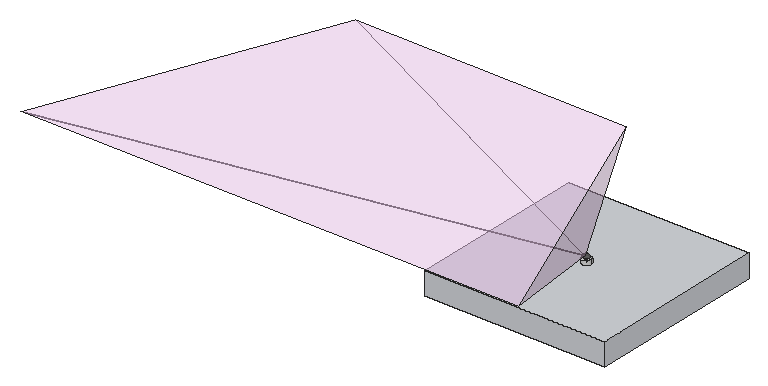
Revit family "_Camera-Security-Panasonic-Super_Dynamic-Vandal_Resistant-Waterproof-Dome-Network-S2552LSeries", category 警備装置, Revit 2019
Family settings
  ホスト = 面
  注釈の向きを維持 = いいえ
  丸型コネクタ寸法 = 直径を使用
  パーツ タイプ = 標準
  OmniClass 番号 = 23.85.10.14.11
  OmniClass タイトル = Cameras
  ロード時にボイドで切り取り = いいえ
  共有 = いいえ
  部屋計算ポイント = いいえ
Parameters (values of type "WV-S2252L")
  z Zero = 0.000"  # constant formula
  z Yaw Actual [instance] = if(and(On Wall, not(On Ceiling)), Yaw Actual, Yaw Actual + 180.00°)  # 180.00°
  z VV Viewpoint Depth Min = 1.18504"
  z VV Viewpoint Depth Max = 1.18504"
  z VV Viewpoint Depth [instance] = (z VV Viewpoint Depth Max - z VV Viewpoint Depth Min) * z HFOV Ratio + z VV Viewpoint Depth Min  # 1.18504"
  z VV Origin Horizontal Offset [instance] = 0.000"
  z VV Origin HeightX [instance] = 2.42126"  # constant formula
  z VV Origin Height [instance] = if(z Decoration Cover Visible, z Embedded Bottom Offset + z VV Origin HeightX, if(z Base Bracket Visible, z VV Origin HeightX + Base Bracket Height, z VV Origin HeightX))  # 2.42126"
  z VV Origin Angle [instance] = 0.00°
  z Tilt Actual [instance] = Tilt Actual  # 45.00°
  z Pan Actual Safe [instance] = if(Pan Actual = -180.00°, 180.00°, Pan Actual)  # 0.00°
  z Pan Actual [instance] = Pan Actual  # 0.00°
  z Level Offset = 7.87402"  # constant formula
  z HFOV Ratio [instance] = (Horizontal FOV Actual - Horizontal FOV Min) / (Horizontal FOV Max - Horizontal FOV Min)  # 0.375
  z Dome Radius = Dome Diameter / 2  # 1.63386"
  z Decoration Cover Visible [instance] = Set with Decoration Cover  # no
  z Const Yaw Handle Length = 9.25197"  # constant formula
  z Const Yaw Base2 Length = 17.32283"  # constant formula
  z Const Yaw Base Length = 10.23622"  # constant formula
  z Const Tilt Handle Length = 11.81102"  # constant formula
  z Const Tilt Base2 Length = 19.68504"  # constant formula
  z Const Tilt Base Length = 9.84252"  # constant formula
  z Const Pan Handle Length = 19.48819"  # constant formula
  z Embedded Bottom Offset = -1.67323"
  z Camera Type = 0
  z Camera Top Height [instance] = if(z Decoration Cover Visible, z Level Offset + Base Height + z Embedded Bottom Offset, if(z Base Bracket Visible, z Level Offset + z Camera Bottom Offset + Base Height, z Level Offset + Base Height))  # 10.07874"
  z Camera Radius2 = z Camera Radius * 0.7  # 1.78445"
  z Camera Radius = 2.54921"
  z Camera Center Offset [instance] = 0.000"
  z Camera Bottom Offset [instance] = Base Bracket Height  # 1.41732"
  z Camera Bottom Height [instance] = if(z Base Bracket Visible, z Level Offset + z Camera Bottom Offset, z Level Offset)  # 7.87402"
  z Camera Angle [instance] = 90.00°
  z Base Visible [instance] = not(z Decoration Cover Visible)  # yes
  z Base Bracket Visible [instance] = and(z Camera Type = 1, Has Base Bracket, not(z Decoration Cover Visible))  # no
  Decoration Cover Radius = 3.66142"
  Decoration Cover Wall Height = 0.11811"  # constant formula
  Decoration Cover Hole Radius = 1.63386"
  Decoration Cover Height = 0.61811"
  Base Radius = 2.54921"
  z Dome Offset [instance] = 2.20472"
  Yawing Range = "-100 to +100"  # constant formula
  Yaw Min = -100.00°  # constant formula
  Yaw Max = 100.00°  # constant formula
  Yaw Desired [instance] = 0.00°
  Yaw Actual [instance] = if(Yaw Desired > Yaw Max, Yaw Max, if(Yaw Desired < Yaw Min, Yaw Min, Yaw Desired))  # 0.00°
  Wide Dynamic Range = yes
  Weight [instance] = 1.72 lbf
  Water and Dust Resistance = "N/A"
  WQHD = Resolution : WQHD
  Voltage DC = 12 V  # constant formula
  Vertical FOV Min [instance] = if(and(Aspect Ratio 4_3, not(Aspect Ratio 16_9)), VFOV Min 43, VFOV Min 169)  # 19.00°
  Vertical FOV Max [instance] = if(and(Aspect Ratio 4_3, not(Aspect Ratio 16_9)), VFOV Max 43, VFOV Max 169)  # 56.00°
  Vertical FOV Actual [instance] = z HFOV Ratio * (Vertical FOV Max - Vertical FOV Min) + Vertical FOV Min  # 32.875°
  Vandal Resistant = yes
  VFOV Min 43 = 25.00°
  VFOV Min 169 = 19.00°
  VFOV Max 43 = 76.00°
  VFOV Max 169 = 56.00°
  URL = "http://security.panasonic.com/pss/security/"
  Tilting Range = "-30 to +85"  # constant formula
  Tilt Min = -30.00°  # constant formula
  Tilt Max = 85.00°  # constant formula
  Tilt Desired [instance] = 45.00°
  Tilt Actual [instance] = if(Tilt Desired > Tilt Max, Tilt Max, if(Tilt Desired < Tilt Min, Tilt Min, Tilt Desired))  # 45.00°
  Storage Temperature = Operational Temperature  # "14°F - 122°F"
  Show View Volume [instance] = yes
  Shock Resistance = "IK10 (IEC 62262)"
  Set with Decoration Cover [instance] = no
  Resolution [instance] = Resolution : 5M
  Regulatory Compliance = "UL (UL60950-1), c-UL (CSA C22.2 No.60950-1), CE, IEC60950-1, FCC (Part15 ClassA), ICES003 ClassA, EN55032 ClassB, EN55024"  # constant formula
  Provide Feedback = "https://www.surveymonkey.com/s/95FL6QY"
  Product Page URL = "https://security.panasonic.com/products_technology/products/wv-s2252l/"
  Product Material = Paint - Panasonic - Sail White
  Product Documentation Link = "https://bizpartner.panasonic.net/public/ppr/product/11414?accordion_tab=96"
  Power Active = 8.4 W
  Part Number = モデル  # "WV-S2252L"
  Part Description = 説明  # "Security Camera, Fixed Dome, Network, Super Dynamic , 5M Pixel, WV-S2252L"
  Panning Range = "-240 to +120"
  Pan Min = -240.00°
  Pan Max = 120.00°
  Pan Desired [instance] = 0.00°
  Pan Actual [instance] = if(Pan Desired > Pan Max, Pan Max, if(Pan Desired < Pan Min, Pan Min, Pan Desired))  # 0.00°
  PPM Desired [instance] = 300
  PPM Actual [instance] = if(PPM Desired > 1, PPM Desired, 1)  # 300
  Original Creation Date = "2018/05/22"
  Operational Temperature = "14°F - 122°F"
  Operational Humidity = "10 to 90 % (no condensation)"
  On Wall [instance] = no
  On Ceiling [instance] = yes
  Mounting Positions = "Surface Mount"  # constant formula
  Model Disclaimer = "Contact Panasonic for more information"  # constant formula
  モデル = "WV-S2252L"
  Minimum Illumination = 0.070 lx  # constant formula
  製造元 = "Panasonic"  # constant formula
  Indoor Or Outdoor = "Indoor"
  IP Or Analog = "IP"  # constant formula
  Horizontal Resolution Actual [instance] = if(and(Aspect Ratio 4_3, not(Aspect Ratio 16_9)), Horizontal Resolution 43, Horizontal Resolution 169)  # 3072
  Horizontal Resolution 43 [instance] = if(Resolution = [5M], 3072, if(Resolution = WQHD, 2560, if(Resolution = Full HD, 1280, 3072)))  # 3072
  Horizontal Resolution 169 [instance] = if(Resolution = [5M], 3072, if(Resolution = WQHD, 2560, if(Resolution = Full HD, 1920, 3072)))  # 3072
  Horizontal FOV Min [instance] = if(and(Aspect Ratio 4_3, not(Aspect Ratio 16_9)), HFOV Min 43, HFOV Min 169)  # 33.00°
  Horizontal FOV Max [instance] = if(and(Aspect Ratio 4_3, not(Aspect Ratio 16_9)), HFOV Max 43, HFOV Max 169)  # 105.00°
  Horizontal FOV Desired [instance] = 60.00°
  Horizontal FOV Actual [instance] = if(Horizontal FOV Desired > Horizontal FOV Max, Horizontal FOV Max, if(Horizontal FOV Desired < Horizontal FOV Min, Horizontal FOV Min, Horizontal FOV Desired))  # 60.00°
  Height = 4.03543"
  Has POE = yes
  Has Base Bracket [instance] = no
  HFOV Min 43 = 33.00°
  HFOV Min 169 = 33.00°
  HFOV Max 43 = 105.00°
  HFOV Max 169 = 105.00°
  Full HD = Resolution : Full HD
  Family Version = "1.0.0"  # constant formula
  Equipment Number [instance] = ""
  Equipment Abbreviation = "SC"
  Dome Diameter = 3.26772"
  Dome Bottom Offset = 0.19685"
  Distance to Screen [instance] = 393.70079"
  Distance to PPM Target [instance] = if(PPM Actual = 0, 0.000", 39.37008" * Horizontal Resolution Actual / (PPM Actual * 2 * tan(Horizontal FOV Actual / 2)))  # 349.1378"
  Distance to Floor [instance] = 118.11024"
  Distance to Ceiling [instance] = 0.000"
  Diameter = 5.09843"
  説明 = "Security Camera, Fixed Dome, Network, Super Dynamic , 5M Pixel, WV-S2252L"
  Default Elevation = 0.000"
  Day Or Night = "Yes"  # constant formula
  Date Last Modified = "2020/10/13"
  Copyright = "Copyright © Panasonic"  # constant formula
  Communication Ports = "10Base-T / 100Base-TX, RJ45 connector"  # constant formula
  Base Bracket Height = 1.41732"
  Base Height = 2.20472"
  Audio Out = "Yes"  # constant formula
  Audio In = "Yes"  # constant formula
  Aspect Ratio 4_3 [instance] = no
  Aspect Ratio 16_9 [instance] = yes
  Angle Of View = "105"
  Alarm Input Or Output Specification = "ALARM IN 1(Alarm input 1/ Black & white input/ Auto time adjustment input) (x1) ALARM IN 2 (Alarm input 2/ ALARM OUT) (x1) , ALARM IN 3 (Alarm input 3/ AUX OUT) (x1)"  # constant formula
  Accessory Part Number [instance] = if(and(Set with Decoration Cover, z Camera Type = 0), "WV-Q174B", if(and(Set with Decoration Cover, z Camera Type = 1), "WV-Q169A", "Select a Mounting Option"))  # "Select a Mounting Option"
  5M = Resolution : 5M
Types (4): name | z HFOV Ratio | z Dome Radius | z Embedded Bottom Offset | z Camera Type | z Camera Radius2 | z Camera Radius | Decoration Cover Radius | Decoration Cover Hole Radius | Decoration Cover Height | Base Radius | Weight | Water and Dust Resistance | Vertical FOV Max | Vertical FOV Actual | VFOV Max 43 | VFOV Max 169 | Storage Temperature | Shock Resistance | Product Page URL | Product Material | Product Documentation Link | Power Active | Part Number | Part Description | Panning Range | Pan Min | Pan Max | Operational Temperature | Operational Humidity | モデル | Indoor Or Outdoor | Horizontal FOV Max | Height | HFOV Max 43 | HFOV Max 169 | Dome Diameter | Diameter | 説明 | Date Last Modified | Angle Of View
  WV-S2550L | 0.38571 | 1.65354" | -1.68504" | 1 | 2.11899" | 3.02714" | 4.13976" | 2.08071" | 0.51969" | 3.0315" | 3.53 lbf | "IP66 (IEC60529), Type 4X(UL50), NEMA 4X compliant" | 55.00° | 32.8857° | 75.00° | 55.00° | "-40°F - 140°F" | "Compliant with 50J IEC60068-2-75, IK10 (IEC 62262)" | "https://security.panasonic.com/products/wv-s2550l/" | Paint - Panasonic - Light Gray | "https://bizpartner.panasonic.net/public/ppr/product/9287?accordion_tab=96" | 10.2 W | "WV-S2550L" | "Security Camera, Fixed Dome, Network, Super Dynamic  Vandal Resistant  Weatherproof, 5M Pixel, WV-S2550L" | "-180 to +180" | -180.00° | 180.00° | "-40°F - 140°F" | "10 to 100 % (no condensation)" | "WV-S2550L" | "Outdoor" | 103.00° | 5.47244" | 103.00° | 103.00° | 3.30709" | 6.45669" | "Security Camera, Fixed Dome, Network, Super Dynamic  Vandal Resistant  Weatherproof, 5M Pixel, WV-S2550L" | "2018/05/22" | "103"
  WV-S2250L | 0.375 | 1.63386" | -1.67323" | 0 | 1.78445" | 2.54921" | 3.66142" | 1.63386" | 0.61811" | 2.54921" | 1.72 lbf | "N/A" | 56.00° | 32.875° | 76.00° | 56.00° | "14°F - 122°F" | "IK10 (IEC 62262)" | "https://security.panasonic.com/products/wv-s2250l/" | Paint - Panasonic - Sail White | "https://bizpartner.panasonic.net/public/ppr/product/9290?accordion_tab=96" | 8.4 W | "WV-S2250L" | "Security Camera, Fixed Dome, Network, Super Dynamic , 5M Pixel, WV-S2250L" | "-240 to +120" | -240.00° | 120.00° | "14°F - 122°F" | "10 to 90 % (no condensation)" | "WV-S2250L" | "Indoor" | 105.00° | 4.03543" | 105.00° | 105.00° | 3.26772" | 5.09843" | "Security Camera, Fixed Dome, Network, Super Dynamic , 5M Pixel, WV-S2250L" | "2018/05/22" | "105"
  WV-S2552L | 0.38571 | 1.65354" | -1.68504" | 1 | 2.11899" | 3.02714" | 4.13976" | 2.08071" | 0.51969" | 3.0315" | 3.53 lbf | "IP66 (IEC60529), Type 4X(UL50), NEMA 4X compliant" | 55.00° | 32.8857° | 75.00° | 55.00° | "-40°F - 140°F" | "Compliant with 50J IEC60068-2-75, IK10 (IEC 62262)" | "https://security.panasonic.com/products_technology/products/wv-s2552l/" | Paint - Panasonic - Light Gray | "https://bizpartner.panasonic.net/public/ppr/product/11416?accordion_tab=96" | 10.2 W | "WV-S2552L" | "Security Camera, Fixed Dome, Network, Super Dynamic  Vandal Resistant  Weatherproof, 5M Pixel, WV-S2552L" | "-180 to +180" | -180.00° | 180.00° | "-40°F - 140°F" | "10 to 100 % (no condensation)" | "WV-S2552L" | "Outdoor" | 103.00° | 5.47244" | 103.00° | 103.00° | 3.30709" | 6.45669" | "Security Camera, Fixed Dome, Network, Super Dynamic  Vandal Resistant  Weatherproof, 5M Pixel, WV-S2552L" | "2020/10/13" | "103"
  WV-S2252L | 0.375 | 1.63386" | -1.67323" | 0 | 1.78445" | 2.54921" | 3.66142" | 1.63386" | 0.61811" | 2.54921" | 1.72 lbf | "N/A" | 56.00° | 32.875° | 76.00° | 56.00° | "14°F - 122°F" | "IK10 (IEC 62262)" | "https://security.panasonic.com/products_technology/products/wv-s2252l/" | Paint - Panasonic - Sail White | "https://bizpartner.panasonic.net/public/ppr/product/11414?accordion_tab=96" | 8.4 W | "WV-S2252L" | "Security Camera, Fixed Dome, Network, Super Dynamic , 5M Pixel, WV-S2252L" | "-240 to +120" | -240.00° | 120.00° | "14°F - 122°F" | "10 to 90 % (no condensation)" | "WV-S2252L" | "Indoor" | 105.00° | 4.03543" | 105.00° | 105.00° | 3.26772" | 5.09843" | "Security Camera, Fixed Dome, Network, Super Dynamic , 5M Pixel, WV-S2252L" | "2020/10/13" | "105"
Reference planes (in)
  plane 1 "Center (Front/Back)": y = 0
  plane 2: z = 0
  plane 3 "Center (Left/Right)": x = 0
  plane 4 "Body Bottom": z = 0
  plane 5: y = 0
  plane 6 "Level Offset": z = -7.87402
  plane 7 "BP": z = 2.42126
  plane 8: z = 2.20472
  plane 9: z = 2.40157
  plane 10: z = 4.03543
Forms (in)
  Extrusion 1, solid
    sketch origin (0, 0, 0) x (1, 0, 0) y (0, 1, 0)
      loop
        line (-48, 48) -> (-48, -48) -> (48, -48) -> (48, 48) -> (-48, 48)
    from 0 to -12
  Revolve 2, solid, material "Paint - Panasonic - Sail White" <- "Product Material", visible <- "z Base Visible"
    sketch origin (0, 0, 0) x (0, 0, 1) y (1, 0, 0)
      loop
        line (0.00001, 2.54921) -> (0.00001, 0) -> (2.20472, 0) -> (2.20472, 1.78445) -> (1.70472, 2.40007) -> (0.00001, 2.54921)
      axis (2.20472, 0) -> (0.00001, 0)
    angle from 0 to 360
  Revolve 3, solid, material "Glass - Panasonic - Black"
    sketch origin (0, 0, 0) x (0, 1, 0) y (0, 0, 1)
      loop
        arc (1.63386, 2.40157) -> (1.15531, 3.55689) -> (0, 4.03543) r 1.63386
        line (0, 4.03543) -> (0, 2.20472) -> (1.63386, 2.20472) -> (1.63386, 2.40157)
      axis (0, 2.20472) -> (0, 4.03543)
    angle from 0 to 360
  Extrusion 4, solid
    sketch origin (0, 0, 0) x (1, 0, 0) y (0, 1, 0)
      loop
        circle (0, 0) r 0.3937
    from 0 to 0.3937
Lines and regions (in)
  reference lines
    curve 1: line (0, 0, 0) -> (0, 0, 2.20472)
    curve 2: line (0, -1, 10.89222) -> (0, 1, 10.89222)
  symbolic lines, not visible
    curve 3: line (-1.15, -2.6875, 0) -> (1.15, -2.6875, 0)
Dimensions and locks (in)
  "z Camera Center Offset": plane 5 to plane 1 "Center (Front/Back)"
  "z Level Offset": level to plane 6 "Level Offset"
  "z Camera Bottom Height": plane 4 "Body Bottom" to plane 6 "Level Offset"
  "z VV Origin Height": plane 7 "BP" to level
  "z Camera Top Height": plane 8 to plane 6 "Level Offset"
  "Dome Bottom Offset": plane 8 to plane 9
  "z Dome Radius": plane 10 to plane 9
  "z Camera Radius": Revolve 2 sketch curve to plane 3 "Center (Left/Right)"
  locked: Revolve 2 sketch curve to Revolve 2 sketch curve at 0.5
  "z Camera Radius2": Revolve 2 sketch curve to plane 3 "Center (Left/Right)"
  "z Dome Radius": radius of Revolve 3 sketch curve
  "z Camera Angle": angle curve 1 to plane 4 "Body Bottom"
  locked: Revolve 2 sketch curve to Revolve 2 sketch curve (angle 85.00°)
  aligned and locked: plane 2 to Extrusion 1
  aligned and locked: level to Extrusion 1
  aligned and locked: plane 5 to curve 1
  aligned and locked: nested 1 to plane 3 "Center (Left/Right)"
  aligned and locked: nested 1 to plane 1 "Center (Front/Back)"
  aligned and locked: plane 8 to Revolve 2 sketch curve
Automatic sketch dimensions
  Extrusion 1 sketch curve to Extrusion 1 sketch curve = 96.000"  (x2)
  curve 3 to plane 3 "Center (Left/Right)" = 1.150"
  plane 3 "Center (Left/Right)" to curve 3 = 1.150"
  curve 1 to curve 2 = 1.000"
  curve 1 to curve 2 = 8.6875"
  curve 2 to curve 1 = 1.000"
  plane 1 "Center (Front/Back)" to curve 3 = 2.6875"
  Revolve 3 sketch curve to plane 1 "Center (Front/Back)" = 0.000"
  Revolve 3 sketch curve to plane 9 = 0.000"
  plane 8 to Revolve 3 sketch curve = 0.000"
  Revolve 3 sketch curve to plane 10 = 0.000"
  plane 1 "Center (Front/Back)" to Extrusion 4 sketch curve = 0.000"
  Extrusion 4 sketch curve to plane 3 "Center (Left/Right)" = 0.000"
  curve 1 to level = 0.000"
  Revolve 2 sketch curve to plane 3 "Center (Left/Right)" = 0.000"  (x2)
  level to Revolve 2 sketch curve = 0.00001"
  Revolve 2 sketch curve to level = 0.45341"
  plane 7 "BP" to Revolve 2 sketch curve = 0.01657"
  radius of Extrusion 4 sketch curve = 0.3937"
Nested families (in)
  nested 1: "Camera-Security-Panasonic-ViewVolumePTYZ" at (0, 0, 2.42126), Viewpoint Depth <- "z VV Viewpoint Depth", Base Height Offset <- "z VV Origin Height", Base Angle Offset <- "z VV Origin Angle", Viewpoint Origin Horizontal Offset <- "z VV Origin Horizontal Offset", Yaw <- "Yaw Actual", Tilt <- "Tilt Actual", Pan <- "Pan Actual", HFOV <- "Horizontal FOV Actual", VFOV <- "Vertical FOV Actual", On Wall <- "On Wall", On Ceiling <- "On Ceiling", Screen Depth <- "Distance to Screen", Floor Distance <- "Distance to Floor", Ceiling Distance <- "Distance to Ceiling", Target Depth <- "Distance to PPM Target", visible <- "Show View Volume", type "Camera-Security-Panasonic-ViewVolumePTYZ"
    with z Yaw Actual 0.00°, z Void Width 1249.22068", z Void Thickness 397.30709", z Void Height Start -624.61034", z Void Height End 624.61034", z Void Direction 0, z Void Angle 0.00°, z Viewpoint Depth 1.18504", z Tilt Actual 45.00°, z Target Width 403.14961", z Target Visible yes, z Target Height 206.01039", z Target Depth 350.32284", z Screen Width 454.60651", z Screen Height 232.30499", z Screen Depth 394.88583", z Pan Actual 0.00°, z Floor Distance 118.11024", z Ceiling Distance 0.000", Yaw 0.00°, Viewpoint Origin Horizontal Offset 0.000", Viewpoint Depth 1.18504", VFOV 32.875°, Tilt 45.00°, Target Depth 349.1378", Screen Depth 393.70079", Pan 0.00°, On Wall no, On Floor no, On Default Mount Type 0, On Ceiling yes, HFOV 60.00°, Floor Distance 118.11024", Ceiling Distance 0.000", Base Height Offset 2.42126", Base Angle Offset 0.00°
  nested 2: "Base Bracket" at (0, 0, 0), visible <- "z Base Bracket Visible", Base Bracket Height <- "Base Bracket Height", Visible <- "z Base Bracket Visible", Product Material <- "Product Material", type "Base Bracket"
    with Visible no, Product Material Paint - Panasonic - Sail White, Inner Diameter 3.14961", Base Bracket Height 1.41732", Base Bracket Diameter 3.22835"
  nested 3: "Decoration Cover" at (0, 0, 0), visible <- "z Decoration Cover Visible", Product Material <- "Product Material", Decoration Cover Radius <- "Decoration Cover Radius", Decoration Cover Height <- "Decoration Cover Height", Hole Radius <- "Decoration Cover Hole Radius", Wall Height <- "Decoration Cover Wall Height", type "Decoration Cover"
    with Wall Height 0.11811", Top Ring Width 0.36614", Product Material Paint - Panasonic - Sail White, Hole Radius 1.63386", Decoration Cover Radius 3.66142", Decoration Cover Height 0.61811"
Connectors (in)
  electrical at (0, 0, 0), driven by "Power Active", driven by "Voltage DC"
    settings: on Extrusion 1, index 3, voltage 12 V, apparent load 8.4 W, apparent load phase1 0.0 W, apparent load phase2 0.0 W, apparent load phase3 0.0 W, power factor 1, load classification "Other", number of poles 1, system type 30, power factor state 1, is connector primary yes, connector utility no, sub classification motor no, connector description "Electrical Connection"
  electrical at (0, 0, 0)
    settings: on Extrusion 4, index 5, voltage 0 V, apparent load 0.0 W, apparent load phase1 0.0 W, apparent load phase2 0.0 W, apparent load phase3 0.0 W, power factor 1, load classification "Other", number of poles 1, system type 5, power factor state 1, is connector primary no, connector utility no, sub classification motor no, connector description "Data Connection"
Definition of nested family "Camera-Security-Panasonic-ViewVolumePTYZ"
  Parameters
    z Yaw Actual [instance] = if(Yaw < 0.00°, 360.00° - (abs(Yaw) - rounddown(abs(Yaw) / 360.00°) * 360.00°), Yaw - rounddown(Yaw / 360.00°) * 360.00°)  # 0.00°
    z Void Width [instance] = if(z Screen Width > z Screen Height, z Screen Width, z Screen Height) + abs(Viewpoint Origin Horizontal Offset) + z Void Thickness * 2  # 1265.63013"
    z Void Thickness [instance] = z Screen Depth + abs(Base Height Offset)  # 405.51181"
    z Void Height Start [instance] = -z Void Width / 2  # -632.81507"
    z Void Height End [instance] = z Void Width / 2  # 632.81507"
    z Void Direction [instance] = if((if(On Wall, 1, 0) + if(On Floor, 1, 0) + if(On Ceiling, 1, 0)) = 1, if(On Ceiling, 0, if(On Wall, 1, 2)), On Default Mount Type)  # 0
    z Viewpoint Depth [instance] = if(Viewpoint Depth < 0.03937", 0.03937", Viewpoint Depth)  # 5.90551"
    z Tilt Actual [instance] = if(Tilt < 0.00°, 360.00° - (abs(Tilt) - rounddown(abs(Tilt) / 360.00°) * 360.00°), Tilt - rounddown(Tilt / 360.00°) * 360.00°)  # 45.00°
    z Target Visible [instance] = not(Screen Depth < Target Depth)  # yes
    z Target Thickness Start = -z Target Thickness / 2  # -0.03937"
    z Target Thickness End = z Target Thickness / 2  # 0.03937"
    z Target Depth [instance] = Target Depth + Viewpoint Depth  # 84.64567"
    z Pan Actual [instance] = if(Pan < 0.00°, 360.00° - (abs(Pan) - rounddown(abs(Pan) / 360.00°) * 360.00°), Pan - rounddown(Pan / 360.00°) * 360.00°)  # 0.00°
    z Floor Distance [instance] = if(z Void Direction = 2, if(Floor Distance < 0.000", 0.000", Floor Distance), if(Floor Distance < 0.3937", 0.3937", Floor Distance))  # 118.11024"
    z Const Yaw Base2 Length = 17.32283"  # constant formula
    z Const Tilt Base2 Length = 19.68504"  # constant formula
    z Ceiling Distance [instance] = if(z Void Direction = 2, if(Ceiling Distance < 0.3937", 0.3937", Ceiling Distance), if(Ceiling Distance < 0.000", 0.000", Ceiling Distance))  # 0.000"
    z Const Void Handle Length = 23.62205"  # constant formula
    z Void Angle [instance] = if(z Void Direction = 0, 0.00° + Base Angle Offset, if(z Void Direction = 1, 90.00° + Base Angle Offset, 180.00° + Base Angle Offset))  # 0.00°
    z Screen Depth [instance] = if(Screen Depth < 3.93701", 3.93701" + Viewpoint Depth, Screen Depth + Viewpoint Depth)  # 399.6063"
    Original Creation Date = "September, 15, 2016"  # constant formula
    On Default Mount Type [instance] = 0
    Manufacturer = "Panasonic"  # constant formula
    Family Version = "1.0.0"  # constant formula
    Default Elevation = 48.000"
    Date Last Modified = "September, 15, 2016"  # constant formula
    Copyright = "Copyright © Panasonic"  # constant formula
    Base Height Offset [instance] = 5.90551"
    Base Angle Offset [instance] = 0.00°
    z Viewpoint Width = 0.03937"  # constant formula
    z Viewpoint Height = 0.03937"  # constant formula
    VFOV [instance] = 33.75°
    z Target Width [instance] = Target Depth * tan(HFOV / 2) * 2  # 90.9213"
    z Target Thickness = 0.07874"  # constant formula
    z Target Height [instance] = Target Depth * tan(VFOV / 2) * 2  # 47.77113"
    Target Depth [instance] = 78.74016"
    z Screen Width [instance] = (z Screen Depth - Viewpoint Depth) * tan(HFOV / 2) * 2  # 454.60651"
    z Screen Height [instance] = (z Screen Depth - Viewpoint Depth) * tan(VFOV / 2) * 2  # 238.85566"
    Screen Depth [instance] = 393.70079"
    z Const Yaw Handle Length = 9.25197"  # constant formula
    z Const Yaw Base Length = 10.23622"  # constant formula
    Viewpoint Depth [instance] = 5.90551"
    Viewpoint Origin Horizontal Offset [instance] = 0.000"
    z Const Tilt Handle Length = 14.17323"  # constant formula
    z Const Tilt Base Length = 9.84252"  # constant formula
    z Const Pan Handle Length = 19.68504"  # constant formula
    z Const Pan Axis Length = 15.74803"  # constant formula
    On Wall [instance] = no
    On Floor [instance] = no
    On Ceiling [instance] = yes
    HFOV [instance] = 60.00°
    Yaw [instance] = 0.00°
    Tilt [instance] = 45.00°
    Pan [instance] = 0.00°
    Floor Distance [instance] = 118.11024"
    Ceiling Distance [instance] = 0.000"
  Reference planes (in)
    plane 1 "Center (Front/Back)": y = 0
    plane 2: z = 0
    plane 3 "Center (Left/Right)": x = 0
    plane 4 "VoidOffsetBase": z = -5.90551
  Forms (in)
    Extrusion 1, void
      sketch origin (0, 0, -5.90551) x (0, 0, 1) y (0, -1, 0)
        loop
          line (523.62205, 632.81507) -> (118.11024, 632.81507) -> (118.11024, -632.81507) -> (523.62205, -632.81507) -> (523.62205, 632.81507)
        loop
          line (0, 632.81507) -> (-405.51181, 632.81507) -> (-405.51181, -632.81507) -> (0, -632.81507) -> (0, 632.81507)
      from -632.81507 <- "z Void Height Start" to 632.81507 <- "z Void Height End"
    Blend 2, solid
      base sketch origin (0, -4.17583, 4.17583) x (0, 0.707107, 0.707107) y (-1, 0, 0)
        loop
          line (-0.01969, -0.01969) -> (0.01969, -0.01969) -> (0.01969, 0.01969) -> (-0.01969, 0.01969) -> (-0.01969, -0.01969)
      top sketch origin (0, -282.56432, 282.56432) x (0, 0.707107, 0.707107) y (-1, 0, 0)
        loop
          line (-119.42783, -227.30326) -> (119.42783, -227.30326) -> (119.42783, 227.30326) -> (-119.42783, 227.30326) -> (-119.42783, -227.30326)
      from 0 to 0
    Extrusion 3, solid, visible <- "z Target Visible"
      sketch origin (0, -59.85353, 59.85353) x (0, 0.707107, 0.707107) y (-1, 0, 0)
        loop
          line (-23.88557, -45.46065) -> (23.88557, -45.46065) -> (23.88557, 45.46065) -> (-23.88557, 45.46065) -> (-23.88557, -45.46065)
      from -0.03937 <- "z Target Thickness Start" to 0.03937 <- "z Target Thickness End"
  Cuts and joins
    Extrusion 1 cuts Blend 2
    Extrusion 1 cuts Extrusion 3
  Lines and regions (in)
    reference lines
      curve 1: line (0, 0, 0) -> (19.68504, 0, 0)
      curve 2: line (0, 0, -15.74803) -> (0, 0, 0)
      curve 3: line (0, 0, 0) -> (0, -9.84252, 0)
      curve 4: line (0, 0, 0) -> (0, 0, 19.68504)
      curve 5: line (0, -10.02199, 10.02199) -> (0, 0, 0)
      curve 6: line (0, 0, 0) -> (0, 7.2381, 7.2381)
      curve 7: line (0, 0, 0) -> (-17.32283, 0, 0)
      curve 8: line (0, 0, 0) -> (-9.25197, 0, 0)
      curve 9: line (0, -4.17583, 4.17583) -> (0, 0, 0)
      curve 10: line (0, 0, 0) -> (0, -59.85353, 59.85353)
      curve 11: line (0, 0, 0) -> (0, -282.56432, 282.56432)
      curve 12: line (-0.01969, -4.16191, 4.18975) -> (0.01969, -4.16191, 4.18975)
      curve 13: line (-0.01969, -4.18975, 4.16191) -> (0.01969, -4.18975, 4.16191)
      curve 14: line (-0.01969, -4.16191, 4.18975) -> (-0.01969, -4.18975, 4.16191)
      curve 15: line (0.01969, -4.16191, 4.18975) -> (0.01969, -4.18975, 4.16191)
      curve 16: line (-45.46065, -42.96388, 76.74317) -> (45.46065, -42.96388, 76.74317)
      curve 17: line (-45.46065, -76.74317, 42.96388) -> (45.46065, -76.74317, 42.96388)
      curve 18: line (-45.46065, -42.96388, 76.74317) -> (-45.46065, -76.74317, 42.96388)
      curve 19: line (45.46065, -42.96388, 76.74317) -> (45.46065, -76.74317, 42.96388)
      curve 20: line (-227.30326, -198.1161, 367.01255) -> (-227.30326, -367.01255, 198.1161)
      curve 21: line (227.30326, -198.1161, 367.01255) -> (227.30326, -367.01255, 198.1161)
      curve 22: line (-227.30326, -198.1161, 367.01255) -> (227.30326, -198.1161, 367.01255)
      curve 23: line (-227.30326, -367.01255, 198.1161) -> (227.30326, -367.01255, 198.1161)
      curve 24: line (0, 0, -5.90551) -> (0, 0, 17.71654)
      curve 25: line (0, -632.81507, 517.71654) -> (0, 632.81507, 517.71654)
      curve 26: line (0, -632.81507, 112.20472) -> (0, -632.81507, 517.71654)
      curve 27: line (0, 632.81507, 112.20472) -> (0, -632.81507, 112.20472)
      curve 28: line (0, 632.81507, 517.71654) -> (0, 632.81507, 112.20472)
      curve 29: line (0, -632.81507, -5.90551) -> (0, 632.81507, -5.90551)
      curve 30: line (0, -632.81507, -411.41732) -> (0, -632.81507, -5.90551)
      curve 31: line (0, 632.81507, -411.41732) -> (0, -632.81507, -411.41732)
      curve 32: line (0, 632.81507, -5.90551) -> (0, 632.81507, -411.41732)
  Dimensions and locks (in)
    "z Const Pan Handle Length": curve 1 to curve 1
    "z Const Pan Axis Length": curve 2 to curve 2
    "z Const Tilt Base Length": curve 3 to curve 3
    "z Const Pan Axis Length": curve 1 to curve 2
    "Viewpoint Origin Horizontal Offset": curve 4 to curve 2
    "z Const Tilt Base2 Length": curve 4 to curve 4
    "z Const Tilt Handle Length": curve 5 to curve 5
    "z Const Yaw Base Length": curve 6 to curve 6
    "z Const Yaw Base2 Length": curve 7 to curve 7
    "z Const Yaw Handle Length": curve 8 to curve 8
    "z Viewpoint Depth": curve 9 to curve 9
    "z Target Depth": curve 10 to curve 10
    "z Screen Depth": curve 11 to curve 11
    equal spacing: curve 13, curve 9, curve 12
    "z Viewpoint Height": curve 13 to curve 12
    equal spacing: curve 14, curve 9, curve 15
    "z Viewpoint Width": curve 14 to curve 15
    equal spacing: curve 17, curve 10, curve 16
    "z Target Height": curve 17 to curve 16
    equal spacing: curve 18, curve 10, curve 19
    "z Target Width": curve 18 to curve 19
    equal spacing: curve 20, curve 11, curve 21
    "z Screen Width": curve 20 to curve 21
    equal spacing: curve 23, curve 11, curve 22
    "z Screen Height": curve 23 to curve 22
    "z Const Void Handle Length": curve 24 to curve 24
    equal spacing: curve 26, curve 24, curve 28
    "z Void Width": curve 26 to curve 28
    "z Floor Distance": curve 27 to curve 24
    "z Ceiling Distance": curve 29 to curve 24
    "z Void Thickness": curve 31 to curve 29
    "z Void Thickness": curve 25 to curve 27
    "Base Height Offset": level to plane 4 "VoidOffsetBase"
    locked: curve 3 to curve 2 (angle 90.00°)
    locked: curve 3 to curve 4 (angle 90.00°)
    "z Tilt Actual": angle curve 4 to curve 5
    locked: curve 6 to curve 7 (angle 90.00°)
    locked: curve 6 to curve 5 (angle 90.00°)
    locked: curve 9 to curve 5 (angle 0.00°)
    locked: curve 10 to curve 5 (angle 0.00°)
    locked: curve 11 to curve 5 (angle 0.00°)
    "z Void Angle": angle plane 1 "Center (Front/Back)" to curve 24
    "z Yaw Actual": angle curve 7 to curve 8
    "z Pan Actual": angle plane 1 "Center (Front/Back)" to curve 1
    aligned and locked: level to plane 2
    aligned and locked: curve 2 to curve 1
    aligned and locked: curve 2 to curve 3
    aligned and locked: curve 3 to curve 2
    aligned and locked: curve 3 to curve 5
    aligned and locked: curve 6 to curve 7
    aligned and locked: curve 6 to curve 8
    aligned and locked: curve 8 to curve 7
    aligned and locked: curve 7 to curve 6
    aligned and locked: curve 5 to curve 11
    aligned and locked: curve 11 to curve 8
    aligned and locked: curve 12 to curve 15
    aligned and locked: curve 15 to curve 15
    aligned and locked: curve 14 to curve 14
    aligned and locked: curve 13 to curve 15
    aligned and locked: curve 16 to curve 19
    aligned and locked: curve 18 to curve 18
    aligned and locked: curve 17 to curve 19
    aligned and locked: curve 22 to curve 22
    aligned and locked: curve 21 to curve 23
    aligned and locked: curve 20 to curve 23
    aligned and locked: curve 23 to curve 23
    aligned and locked: plane 1 "Center (Front/Back)" to curve 24
    aligned and locked: curve 30 to curve 26
    aligned and locked: curve 28 to curve 32
    aligned and locked: Extrusion 1 sketch curve to curve 25
    aligned and locked: Extrusion 1 sketch curve to curve 26
    aligned and locked: Extrusion 1 sketch curve to curve 27
    aligned and locked: Extrusion 1 sketch curve to curve 28
    aligned and locked: Extrusion 1 sketch curve to curve 29
    aligned and locked: Extrusion 1 sketch curve to curve 30
    aligned and locked: Extrusion 1 sketch curve to curve 31
    aligned and locked: Extrusion 1 sketch curve to curve 32
    aligned and locked: Extrusion 1 sketch curve to Extrusion 1 sketch curve  (x8)
    aligned and locked: Blend 2 sketch curve to curve 15
    aligned and locked: Blend 2 sketch curve to curve 13
    aligned and locked: Blend 2 sketch curve to curve 14
    aligned and locked: Blend 2 sketch curve to curve 12
    aligned and locked: Blend 2 sketch curve to Blend 2 sketch curve  (x8)
    aligned and locked: Blend 2 sketch curve to curve 21
    aligned and locked: Blend 2 sketch curve to curve 23
    aligned and locked: Blend 2 sketch curve to curve 20
    aligned and locked: Blend 2 sketch curve to curve 22
    aligned and locked: Extrusion 3 sketch curve to curve 19
    aligned and locked: Extrusion 3 sketch curve to curve 17
    aligned and locked: Extrusion 3 sketch curve to curve 18
    aligned and locked: Extrusion 3 sketch curve to curve 16
    aligned and locked: Extrusion 3 sketch curve to Extrusion 3 sketch curve  (x4)
    aligned and locked: plane 3 "Center (Left/Right)" to curve 1
    aligned and locked: plane 1 "Center (Front/Back)" to curve 1
    aligned and locked: level to curve 2
    aligned and locked: plane 4 "VoidOffsetBase" to curve 24
  Automatic sketch dimensions
    curve 6 to curve 5 = 0.000"
    curve 6 to curve 5 = 10.23622"
Definition of nested family "Decoration Cover"
  Parameters (values of type "Decoration Cover")
    Wall Height [instance] = 0.11811"
    Top Ring Width [instance] = Decoration Cover Radius / 10  # 0.36614"
    Product Material [instance] = none
    Hole Radius [instance] = 1.65354"
    Default Elevation = 48.000"
    Decoration Cover Height [instance] = 0.61811"
    Decoration Cover Radius [instance] = 3.66142"
  Reference planes (in)
    plane 1 "Center (Front/Back)": y = 0
    plane 2: z = 0
    plane 3 "Center (Left/Right)": x = 0
    plane 4: y = 3.66142
    plane 5: z = 0.61811
    plane 6: z = 0.11811
    plane 7: y = 1.65354
    plane 8: y = 2.01969
  Forms (in)
    Extrusion 1, solid
      sketch origin (0, 0, 0) x (1, 0, 0) y (0, 1, 0)
        loop
          line (-48, 48) -> (-48, -48) -> (48, -48) -> (48, 48) -> (-48, 48)
      from 0 to -12
    Revolve 2, solid, material <- "Product Material"
      sketch origin (0, 0, 0) x (0, 1, 0) y (0, 0, 1)
        loop
          line (2.01969, 0.61811) -> (1.65354, 0.61811) -> (1.65354, 0) -> (3.66142, 0) -> (3.66142, 0.11811) -> (2.01969, 0.61811)
        axis (0, 0) -> (0, 0.61811)
      angle from 0 to 360
  Dimensions and locks (in)
    "Decoration Cover Radius": plane 1 "Center (Front/Back)" to plane 4
    "Decoration Cover Height": plane 5 to level
    "Hole Radius": plane 1 "Center (Front/Back)" to plane 7
    "Top Ring Width": plane 7 to plane 8
    "Wall Height": plane 6 to level
    aligned and locked: plane 2 to Extrusion 1
    aligned and locked: level to Extrusion 1
    aligned and locked: Revolve 2 sketch curve to plane 4
    aligned and locked: plane 8 to Revolve 2 sketch curve
  Automatic sketch dimensions
    Extrusion 1 sketch curve to Extrusion 1 sketch curve = 96.000"  (x2)
    Revolve 2 sketch curve to plane 1 "Center (Front/Back)" = 0.000"
    Revolve 2 sketch curve to level = 0.000"
    Revolve 2 sketch curve to plane 7 = 0.000"
    Revolve 2 sketch curve to plane 6 = 0.000"
    Revolve 2 sketch curve to plane 5 = 0.000"
    Revolve 2 sketch curve to level = 24.000"
    plane 5 to Revolve 2 sketch curve = 91.65775"
